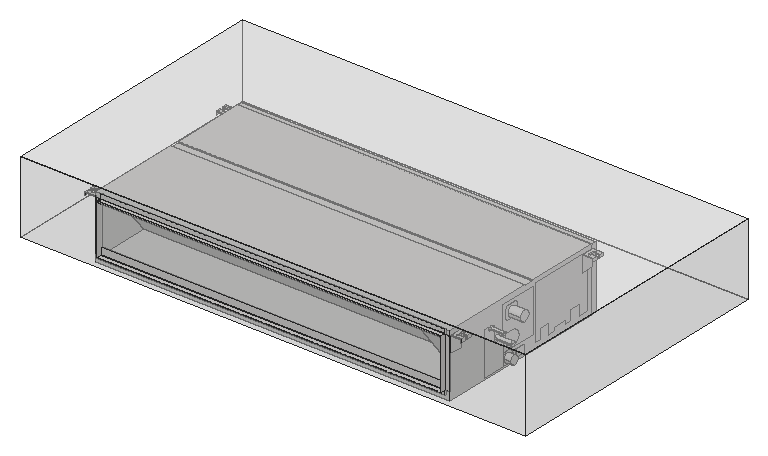
Revit family "outputfile", category 機械設備, Revit 2024
Family settings
  丸型コネクタ寸法 = 半径を使用
  パーツ タイプ = 標準
  OmniClass 番号 = 23.75.10.24.21.27.27
  OmniClass タイトル = Split System Air Conditioning Units
  作業面ベース = いいえ
  常に垂直 = はい
  ロード時にボイドで切り取り = いいえ
  注釈の向きを維持 = いいえ
  共有 = いいえ
  部屋計算ポイント = はい
Parameters (values of type "FBFC100AXVA")
  Description = ""
  書き出し IFC クラス(タイプ) = "IfcUnitaryEquipmentType"
  定義済み IFC タイプ(タイプ) = "AIRCONDITIONINGUNIT"
  Cost = 0
  Type Comments = ""
  Keynote = ""
  Type Image = (empty or 0)
  Assembly Code = ""
  switch_frequency = yes
  connector_voltage = Voltage_60Hz  # 0 V
  connector_powerinput = [Power Input (Cooling)]  # 0.000 kW
  connector_phase = Phase_60Hz  # 1
  URL = ""
  Supply Air Direction [instance] = yes
  製造元 = "Daikin"
  モデル = "FBFC100AXVA"
  w_pipe = 33 mm
  r_Liquid Pipe Size = Liquid Pipe Size / 2  # 4.75 mm
  r_Gas Pipe Size = Gas Pipe Size / 2  # 7.95 mm
  r_Drain Pipe Size = Drain Pipe Size / 2  # 16.0 mm
  lw_powersupply = Width / 2  # 700 mm
  lw_ductflange2 = 1362 mm
  lw_Width = 1362 mm
  lh_suctionflange [instance] = 100 mm
  ld_suctionflange [instance] = 190 mm
  ld_powersupply = 263 mm
  angle_vertical_RA [instance] = 90.00°
  angle horizontal_RA [instance] = 180.00°
  Voltage_comment_60Hz = "220 - 240"
  Voltage_60Hz = 0 V
  Sound Power Level_H speed (dB) = 0
  RA_length = 190 mm  # constant formula
  Phase_60Hz = 1
  Minimum External Static Pressure = 27.00 Pa
  Minimum Circuit Amps_60Hz = 0.0 A
  Maximum Fuse Amps_60Hz = 0.0 A
  Maximum External Static Pressure = 80.00 Pa
  Material_Casing = DAIKIN_GalvanizedSteel_Casing_indoorunit
  lw_liquidpipe = 757.9 mm
  lw_gaspipe = 767.5 mm
  lw_mountinghole_pitch = 1446 mm
  lw_mountinghole = 20 mm
  lw_drainpipe = 726 mm
  lh_powersupply = 43.2 mm
  lh_liquidpipe = 175 mm
  lh_gaspipe = 128 mm
  lh_mountinghole = Height + [h***] - 15 mm  # 235 mm
  lh_drainpipe = 29 mm
  lh_antena = (Height - lh_mountinghole) + 1 mm  # 16 mm
  ld_liquidpipe = 153 mm
  ld_gaspipe = 123 mm
  ld_mountinghole_pitch = 651 mm
  ld_drainpipe = 64 mm
  ld_controlbox = 626 mm
  h*** = 0 mm  # constant formula
  d_dischargeflange = 20 mm  # constant formula
  Width = 1400 mm
  Version = "ver.1.0"
  Unit Type = "M.S.P. Duct"
  Unit Mass Weight = 40.00 kg
  Unit Designation [instance] = ""
  Uniclass2015Version = "Products v1.30"
  Uniclass2015Title = "Split coil room air conditioning units"
  Uniclass2015Code = "Pr_70_65_03_86"
  Total Cooling Capacity [instance] = 0.000 kW
  Sound Pressure Level_M speed (dBA) = 39
  Sound Pressure Level_L speed (dBA) = 36
  Sound Pressure Level_H speed (dBA) = 42
  Series = "SkyAir_Fan Coil Unit"
  Sensible Cooling Capacity [instance] = 0.000 kW
  SA Duct Size Width = 1362 mm
  SA Duct Size Height = 200 mm
  Refrigerant Type = "R32"
  RA Duct Size Width = 1362 mm
  RA Duct Size Height = 214 mm
  Power Input (Cooling) = 0.000 kW
  Option Accessory 3 [instance] = ""
  Option Accessory 2 [instance] = ""
  Option Accessory 1 [instance] = ""
  Nominal Cooling Capacity = 10.000 kW
  Minimum Airflow = 1570.00 m³/h
  Median Airflow = 1870.00 m³/h
  Maximum Airflow = 2150.00 m³/h
  Load Classification = HVAC
  Liquid Pipe Size = 9.5 mm
  Link_Nested Family [instance] = ""
  IfcVersion = ""
  IfcExportType = "AIRCONDITIONINGUNIT"
  IfcExportAs = "IfcUnitaryEquipmentType"
  Height = 250 mm
  Heat Exchanger Type = "Cross Fin Coil"
  Gas Pipe Size = 15.9 mm
  Frequency_60Hz = 60 Hz
  Fan Type = "Sirocco Fan"
  Fan Drive = "Direct Drive"
  FCU Tag No. [instance] = ""
  Drain Pipe Size = 32.0 mm
  Design Supply Airflow [instance] = 0.00 m³/h
  Design Return Airflow [instance] = 0.00 m³/h
  Design External Static Pressure [instance] = 0.00 Pa
  Depth = 700 mm
  既定の高さ = 0 mm
  Cooling Entering Wet Bulb Temperature [instance] = 0.00 °C
  Cooling Entering Dry Bulb Temperature [instance] = 0.00 °C
  Cooling Ambient Wet Bulb Temperature [instance] = 0.00 °C
  Cooling Ambient Dry Bulb Temperature [instance] = 0.00 °C
  Clearance visibility [instance] = yes
  Clearance Top = 20 mm
  Clearance Right = 300 mm
  Clearance Rear = 400 mm
  Clearance Left = 300 mm
  Clearance Front = 0 mm
  Clearance Bottom = 20 mm
Reference planes
  plane 1 "Center (Front/Back)": y = 0
  plane 2: z = 0
  plane 3 "Center (Left/Right)": x = 0
  plane 4 "Back": y = 350
  plane 5 "Front": y = -350
  plane 6 "Left": x = -700
  plane 7 "Right": x = 700
  plane 8 "Top": z = 0
  plane 9 "Bottom": z = -250
  plane 10: x = 681
  plane 11: x = -680.2
  plane 12: z = -72
  plane 13: z = -75
  plane 14: z = -122
  plane 15: x = -304
  plane 16: x = 304
  plane 17: x = -723
  plane 18: x = 723
  plane 19: x = 757.9
  plane 20: x = 767.5
  plane 21: z = -15
  plane 22 "Clearance Left": x = -1000
  plane 23 "Clearance Right": x = 1000
  plane 24 "Clearance Rear": y = 750
  plane 25 "Clearance Front": y = -350
  plane 26 "Clearance Bottom": z = -270
  plane 27: z = -21
  plane 28: z = -221
  plane 29: y = -123
  plane 30: y = -153
  plane 31: y = -30
  plane 32: y = -64
  plane 33: z = -118
  plane 34: y = -349.2
  plane 35: z = -150
  plane 36: y = 160
  plane 37: z = -151
  plane 38: x = 726
  plane 39: x = 695
  plane 40: x = 565.5
  plane 41: z = 102.5
  plane 42: y = 325.5
  plane 43: y = -325.5
  plane 44: y = 17.5
  plane 45: y = 57
  plane 46: x = 703.2
  plane 47: x = 705.2
  plane 48: y = -370
  plane 49: y = 390
  plane 50: z = -125
  plane 51: z = -70.5
  plane 52: z = -75.133
  plane 53: z = -75.5
  plane 54: z = -126.5
  plane 55: z = -239.8
  plane 56: z = -22.5
  plane 57: z = -192.5
  plane 58: z = -16
  plane 59 "Clearance Top": z = 20
  plane 60: z = -206.8
  plane 61: y = 263
  plane 62: y = -200
  plane 63: y = -300
  plane 64: y = -140
Forms (mm)
  Extrusion 1, solid, material "DAIKIN_GalvanizedSteel_Casing_indoorunit" <- "Material_Casing"
    sketch origin (0, 0, 0) x (1, 0, 0) y (0, 1, 0)
      loop
        line (-700, -349.2) -> (700, -349.2) -> (700, 350) -> (-700, 350) -> (-700, -349.2)
    from -250 to 0
  Extrusion 2, void
    sketch origin (0, 0, 1) x (1, 0, 0) y (0, 1, 0)
      loop
        line (-700, 57) -> (-700, 17.5) -> (700, 17.5) -> (700, 57) -> (-700, 57)
    from -1 to -5
  Extrusion 3, void
    sketch origin (0, 0, 0) x (0, 1, 0) y (0, 0, 1)
      loop
        line (-91.914, -222) -> (-91.914, -246.5) -> (-36.314, -246.5) -> (-36.314, -219.481)
        arc (-36.314, -219.481) -> (-65.261, -194.229) -> (-91.8, -222) r 27.8
    from 700 to 695
  Revolve 4, solid, material "DAIKIN_GalvanizedSteel_Casing_indoorunit" <- "Material_Casing"
    sketch origin (0, 0, -122) x (0, -1, 0) y (1, 0, 0)
      loop
        line (115.05, 700) -> (123, 700) -> (123, 767.5) -> (115.05, 767.5) -> (115.05, 700)
      axis (123, 700) -> (123, 767.5)
    angle from 0 to 360
  Revolve 5, solid, material "DAIKIN_GalvanizedSteel_Casing_indoorunit" <- "Material_Casing"
    sketch origin (0, 0, -75) x (0, -1, 0) y (1, 0, 0)
      loop
        line (153, 700) -> (153, 757.9) -> (148.25, 757.9) -> (148.25, 700) -> (153, 700)
      axis (153, 757.9) -> (153, 700)
    angle from 0 to 360
  Extrusion 6, solid, material "DAIKIN_GalvanizedSteel_Casing_indoorunit" <- "Material_Casing"
    sketch origin (0, 0, 0) x (0, 1, 0) y (0, 0, 1)
      loop
        circle (-64, -221) r 16
    from 726 to 700
  Extrusion 7, solid, material "DAIKIN_GalvanizedSteel_Casing_indoorunit" <- "Material_Casing"
    sketch origin (0, 0, 0) x (0, 1, 0) y (0, 0, 1)
      loop
        line (-180, -70.5) -> (-180, -239.8) -> (-95, -239.8) -> (-95, -126.5) -> (-107, -126.5)
        arc (-107, -126.5) -> (-121.5, -141) -> (-136, -126.5) r 14.5
        line (-136, -126.5) -> (-136, -75.5) -> (-141.006, -75.5)
        arc (-141.006, -75.5) -> (-153.184, -87.131) -> (-165, -75.133) r 12
        line (-165, -75.133) -> (-165, -70.5) -> (-180, -70.5)
      loop
        line (-92, -22.5) -> (-92, -192.5) -> (54, -192.5) -> (54, -22.5) -> (-92, -22.5)
      loop
        line (71, -16) -> (71, -224.802) -> (87.805, -224.802) -> (87.805, -184.607) -> (134.195, -184.606) -> (134.195, -224.802) -> (161, -224.802) -> (161, -212.302) -> (221, -212.303) -> (221, -224.802) -> (239.805, -224.802) -> (239.805, -184.606) -> (286.195, -184.606) -> (286.195, -224.802) -> (321.994, -224.802) -> (321.994, -82) -> (298.5, -82) -> (298.5, -16) -> (71, -16)
    from 700 to 703.2
  Extrusion 8, solid, material "DAIKIN_GalvanizedSteel_Casing_indoorunit" <- "Material_Casing"
    sketch origin (0, 0, 0) x (0, 1, 0) y (0, 0, 1)
      loop
        line (-27.5, -74.5) -> (-27.5, -41.5)
        arc (-27.5, -41.5) -> (-30.136, -35.136) -> (-36.5, -32.5) r 9
        line (-36.5, -32.5) -> (-69.5, -32.5)
        arc (-69.5, -32.5) -> (-75.864, -35.136) -> (-78.5, -41.5) r 9
        line (-78.5, -41.5) -> (-78.5, -74.5)
        arc (-78.5, -74.5) -> (-75.864, -80.864) -> (-69.5, -83.5) r 9
        line (-69.5, -83.5) -> (-36.5, -83.5)
        arc (-36.5, -83.5) -> (-30.136, -80.864) -> (-27.5, -74.5) r 9
      loop
        arc (8, -234.5) -> (9.415, -233.914) -> (10.001, -232.499) r 2.001
        line (10.001, -232.499) -> (9.997, -206.503)
        arc (9.997, -206.503) -> (9.412, -205.091) -> (8, -204.506) r 1.997
        line (8, -204.506) -> (-25.997, -204.506)
        arc (-25.997, -204.506) -> (-27.415, -205.094) -> (-28.002, -206.511) r 2.005
        line (-28.002, -206.511) -> (-28.002, -232.499)
        arc (-28.002, -232.499) -> (-27.416, -233.914) -> (-26.001, -234.5) r 2.001
        line (-26.001, -234.5) -> (8, -234.5)
      loop
        arc (-77.358, -152.358) -> (-25.548, -177.591) -> (-59.394, -130.95) r 29.7
        arc (-59.394, -130.95) -> (-62.843, -131.688) -> (-66.339, -131.219) r 10.3
        line (-66.339, -131.219) -> (-72.946, -129.136)
        arc (-72.946, -129.136) -> (-80.627, -131.374) -> (-81.498, -139.327) r 7.2
        line (-81.498, -139.327) -> (-78.299, -145.472)
        arc (-78.299, -145.472) -> (-77.23, -148.833) -> (-77.358, -152.358) r 10.3
    from 700 to 705.2
  Extrusion 9, solid, material "DAIKIN_GalvanizedSteel_Casing_indoorunit" <- "Material_Casing"
    sketch origin (0, 0, 0) x (0, 1, 0) y (0, 0, 1)
      loop
        circle (-53, -58) r 18.9
    from 700 to 757.9
  Extrusion 10, void
    sketch origin (0, 0, 0) x (0, 1, 0) y (0, 0, 1)
      loop
        line (-350, -18.8) -> (-350, -217.2) -> (-200, -217.2) -> (-349.2, -18.8) -> (-350, -18.8)
    from -680.2 to 681
  Extrusion 11, void
    sketch origin (0, 0, 0) x (0, 1, 0) y (0, 0, 1)
      loop
        line (-350, -18.8) -> (-350, -217.2) -> (-140, -217.2) -> (-300, -18.8) -> (-350, -18.8)
    from -680.2 to 565.5
Cuts and joins
  Extrusion 2, Extrusion 3, Extrusion 10, Extrusion 11 cuts Extrusion 1
  joined: Extrusion 7, Extrusion 8, Extrusion 9
Dimensions and locks
  "Height": plane 8 "Top" to plane 9 "Bottom"
  equal spacing: plane 15, plane 3 "Center (Left/Right)", plane 16, locked at 304 each
  locked: plane 15 to plane 16 at 608
  equal spacing: plane 17, plane 3 "Center (Left/Right)", plane 18
  "lw_mountinghole_pitch": plane 17 to plane 18
  locked: plane 12 to plane 9 "Bottom" at 178
  "lh_liquidpipe": plane 13 to plane 9 "Bottom"
  "lh_gaspipe": plane 14 to plane 9 "Bottom"
  "lh_mountinghole": plane 21 to plane 9 "Bottom"
  equal spacing: plane 6 "Left", plane 3 "Center (Left/Right)", plane 7 "Right"
  "Width": plane 6 "Left" to plane 7 "Right"
  "Clearance Right": plane 7 "Right" to plane 23 "Clearance Right"
  "Clearance Left": plane 22 "Clearance Left" to plane 6 "Left"
  "Clearance Rear": plane 24 "Clearance Rear" to plane 4 "Back"
  "Clearance Front": plane 5 "Front" to plane 25 "Clearance Front"
  locked: plane 8 "Top" to plane 27 at 21
  "Depth": plane 4 "Back" to plane 5 "Front"
  equal spacing: plane 4 "Back", plane 1 "Center (Front/Back)", plane 5 "Front"
  "ld_suctionflange": plane 4 "Back" to plane 36
  locked: plane 37 to plane 9 "Bottom" at 99
  plane 7 "Right" to plane 40 = 134.5 mm
  "r_Gas Pipe Size": nested 6 to Revolve 4 sketch curve
  "r_Liquid Pipe Size": nested 5 to Revolve 5 sketch curve
  equal spacing: plane 42, plane 1 "Center (Front/Back)", plane 43
  "ld_mountinghole_pitch": plane 42 to plane 43
  locked: plane 33 to plane 9 "Bottom" at 132
  "lw_liquidpipe": plane 3 "Center (Left/Right)" to plane 19
  "lw_gaspipe": plane 3 "Center (Left/Right)" to plane 20
  "lw_drainpipe": plane 3 "Center (Left/Right)" to plane 38
  "ld_drainpipe": plane 32 to plane 1 "Center (Front/Back)"
  "ld_gaspipe": plane 29 to plane 1 "Center (Front/Back)"
  "ld_liquidpipe": plane 30 to plane 1 "Center (Front/Back)"
  "lh_drainpipe": plane 28 to plane 9 "Bottom"
  locked: plane 7 "Right" to plane 46 at 3.2
  locked: plane 46 to plane 47 at 2
  equal spacing: plane 8 "Top", plane 50, plane 9 "Bottom"
  plane 51 to plane 52 to plane 53 to plane 54 to plane 55 = 4.633 mm locked, 0.367 mm locked, 51 mm locked, 113.3 mm locked
  plane 8 "Top" to plane 56 to plane 57 = 22.5 mm locked, 170 mm locked
  locked: plane 8 "Top" to plane 58 at 16
  locked: plane 40 to plane 10 at 115.5
  locked: plane 17 to plane 11 at 42.8
  locked: plane 39 to plane 7 "Right" at 5
  "Clearance Top": plane 59 "Clearance Top" to plane 8 "Top"
  "Clearance Bottom": plane 9 "Bottom" to plane 26 "Clearance Bottom"
  "lh_powersupply": plane 60 to plane 9 "Bottom"
  "ld_powersupply": plane 61 to plane 1 "Center (Front/Back)"
  locked: plane 34 to plane 5 "Front" at 0.8
  locked: plane 5 "Front" to plane 48 at 20
  locked: plane 5 "Front" to plane 62 at 150
  plane 5 "Front" to plane 63 to plane 64 = 50 mm locked, 160 mm locked
  "r_Drain Pipe Size": radius of Extrusion 6 sketch curve
  aligned and locked: level to plane 2
  aligned and locked: Extrusion 1 to plane 9 "Bottom"
  aligned and locked: plane 8 "Top" to Extrusion 1
  aligned and locked: Revolve 4 sketch curve to Revolve 4 sketch curve
  aligned and locked: plane 19 to nested 5
  aligned and locked: nested 5 to plane 13
  aligned and locked: plane 18 to nested 2
  aligned and locked: plane 17 to nested 3
  aligned and locked: plane 17 to nested 4
  aligned and locked: nested 6 to plane 14
  aligned and locked: plane 29 to nested 6
  aligned and locked: plane 30 to nested 5
  aligned and locked: Extrusion 6 sketch curve to plane 32
  aligned and locked: plane 8 "Top" to Extrusion 2
  aligned and locked: plane 24 "Clearance Rear" to nested 11
  aligned and locked: plane 23 "Clearance Right" to nested 11
  aligned and locked: plane 22 "Clearance Left" to nested 11
  aligned and locked: nested 11 to plane 25 "Clearance Front"
  aligned and locked: plane 7 "Right" to cut or joined group of Extrusion 1, Extrusion 2, Extrusion 3, Extrusion 10, Extrusion 11  (x3)
  aligned and locked: cut or joined group of Extrusion 1, Extrusion 2, Extrusion 3, Extrusion 10, Extrusion 11 to plane 39
  aligned and locked: plane 38 to Extrusion 6
  aligned and locked: plane 20 to nested 6
  aligned and locked: plane 3 "Center (Left/Right)" to nested 12
  aligned and locked: plane 18 to nested 1
  aligned and locked: plane 32 to nested 7
  aligned and locked: nested 7 to plane 28
  aligned and locked: plane 38 to nested 7
  aligned and locked: nested 9 to plane 1 "Center (Front/Back)"
  aligned and locked: plane 3 "Center (Left/Right)" to nested 9
  aligned and locked: plane 33 to nested 8
  aligned and locked: level to plane 8 "Top"
  aligned and locked: plane 42 to nested 1
  aligned and locked: plane 43 to nested 2
  aligned and locked: nested 4 to plane 42
  aligned and locked: nested 3 to plane 43
  aligned and locked: nested 12 to plane 21
  aligned and locked: cut or joined group of Extrusion 1, Extrusion 2, Extrusion 3, Extrusion 10, Extrusion 11 to plane 34
  aligned and locked: nested 13 to plane 33
  aligned and locked: Extrusion 2 sketch curve to plane 6 "Left"
  aligned and locked: plane 7 "Right" to Extrusion 2 sketch curve
  aligned and locked: plane 44 to Extrusion 2 sketch curve
  aligned and locked: plane 45 to Extrusion 2 sketch curve
  aligned and locked: plane 3 "Center (Left/Right)" to nested 10
  aligned and locked: nested 10 to plane 4 "Back"
  aligned and locked: plane 46 to Extrusion 7
  aligned and locked: Extrusion 7 to plane 7 "Right"
  aligned and locked: Extrusion 8 to plane 7 "Right"
  aligned and locked: plane 47 to Extrusion 8
  aligned and locked: plane 19 to Extrusion 9
  aligned and locked: Extrusion 9 to plane 7 "Right"
  aligned and locked: nested 8 to plane 48
  aligned and locked: plane 49 to nested 14
  aligned and locked: nested 14 to plane 3 "Center (Left/Right)"
  aligned and locked: nested 14 to plane 50
  aligned and locked: plane 54 to Extrusion 7 sketch curve  (x2)
  aligned and locked: plane 52 to Extrusion 7 sketch curve
  aligned and locked: plane 56 to Extrusion 7 sketch curve
  aligned and locked: plane 57 to Extrusion 7 sketch curve
  aligned and locked: plane 58 to Extrusion 7 sketch curve
  aligned and locked: plane 3 "Center (Left/Right)" to nested 13
  aligned and locked: plane 59 "Clearance Top" to nested 11
  aligned and locked: nested 11 to plane 26 "Clearance Bottom"
  aligned and locked: plane 7 "Right" to nested 15
  aligned and locked: nested 15 to plane 60
  aligned and locked: plane 34 to nested 13
  aligned and locked: plane 5 "Front" to Extrusion 10 sketch curve
  aligned and locked: cut or joined group of Extrusion 1, Extrusion 2, Extrusion 3, Extrusion 10, Extrusion 11 to plane 11  (x2)
  aligned and locked: plane 10 to cut or joined group of Extrusion 1, Extrusion 2, Extrusion 3, Extrusion 10, Extrusion 11
  aligned and locked: Extrusion 11 sketch curve to plane 5 "Front"
  aligned and locked: plane 63 to Extrusion 11 sketch curve
  aligned and locked: plane 64 to Extrusion 11 sketch curve
  aligned and locked: cut or joined group of Extrusion 1, Extrusion 2, Extrusion 3, Extrusion 10, Extrusion 11 to plane 40
  aligned and locked: Extrusion 6 to plane 7 "Right"
  aligned and locked: Revolve 4 to plane 7 "Right"
  aligned and locked: Revolve 5 to plane 7 "Right"
Automatic sketch dimensions
  Extrusion 1 sketch curve to plane 4 "Back" = 0 mm
  Extrusion 1 sketch curve to plane 6 "Left" = 0 mm
  Extrusion 1 sketch curve to plane 7 "Right" = 0 mm
  plane 34 to Extrusion 1 sketch curve = 0 mm
  Extrusion 6 sketch curve to plane 28 = 0 mm
  Revolve 4 sketch curve to plane 20 = 0 mm
  Revolve 4 sketch curve to plane 29 = 0 mm
  Revolve 4 sketch curve to Revolve 4 sketch curve = 2.003 mm
  plane 20 to Revolve 4 sketch curve = 1.003 mm
  Revolve 5 sketch curve to plane 30 = 0 mm  (x2)
  Revolve 5 sketch curve to plane 19 = 0 mm  (x2)
  Revolve 5 sketch curve to plane 7 "Right" = 0 mm
  Revolve 5 sketch curve to Revolve 5 sketch curve = 1 mm
  Revolve 4 sketch curve to plane 7 "Right" = 0 mm
  plane 9 "Bottom" to Extrusion 3 sketch curve = 3.5 mm
  Extrusion 3 sketch curve to plane 31 = 6.314 mm
  Extrusion 3 sketch curve to plane 28 = 1 mm  (x2)
  plane 32 to Extrusion 3 sketch curve = 0 mm
  Extrusion 3 sketch curve to Extrusion 3 sketch curve = 0.114 mm
  Extrusion 8 sketch curve to plane 32 = 14.5 mm
  plane 13 to Extrusion 8 sketch curve = 0.5 mm  (x2)
  Extrusion 8 sketch curve to plane 32 = 5.5 mm  (x2)
  Extrusion 8 sketch curve to plane 31 = 6.5 mm  (x2)
  Extrusion 8 sketch curve to plane 27 = 20.5 mm
  plane 31 to Extrusion 8 sketch curve = 1.998 mm
  Extrusion 8 sketch curve to Extrusion 8 sketch curve = 2.001 mm  (x2)
  Extrusion 8 sketch curve to Extrusion 8 sketch curve = 2.005 mm
  Extrusion 8 sketch curve to plane 1 "Center (Front/Back)" = 8 mm  (x2)
  plane 28 to Extrusion 8 sketch curve = 16.494 mm
  Extrusion 8 sketch curve to Extrusion 8 sketch curve = 1.994 mm
  Extrusion 8 sketch curve to Extrusion 8 sketch curve = 1.997 mm
  Extrusion 8 sketch curve to plane 32 = 17.498 mm
  Extrusion 8 sketch curve to plane 35 = 0.228 mm
  Extrusion 8 sketch curve to Extrusion 8 sketch curve = 5.937 mm
  plane 35 to Extrusion 8 sketch curve = 4.528 mm
  Extrusion 8 sketch curve to Extrusion 8 sketch curve = 3.199 mm
  Extrusion 8 sketch curve to Extrusion 8 sketch curve = 6.386 mm
  Extrusion 8 sketch curve to plane 14 = 7.136 mm
  Extrusion 8 sketch curve to Extrusion 8 sketch curve = 2.165 mm
  Extrusion 8 sketch curve to plane 32 = 2.339 mm
  plane 32 to Extrusion 8 sketch curve = 0.758 mm
  Extrusion 8 sketch curve to plane 37 = 7.5 mm
  plane 32 to Extrusion 8 sketch curve = 15.7 mm
  Extrusion 8 sketch curve to Extrusion 8 sketch curve = 6.145 mm
  Extrusion 8 sketch curve to Extrusion 8 sketch curve = 2.083 mm
  plane 14 to Extrusion 8 sketch curve = 0.604 mm
  Extrusion 8 sketch curve to Extrusion 8 sketch curve = 0 mm
  plane 32 to Extrusion 9 sketch curve = 11 mm
  plane 12 to Extrusion 9 sketch curve = 14 mm
  Extrusion 7 sketch curve to plane 30 = 0 mm
  Extrusion 7 sketch curve to plane 30 = 27 mm
  Extrusion 7 sketch curve to plane 13 = 0.5 mm
  Extrusion 7 sketch curve to Extrusion 7 sketch curve = 5.006 mm
  plane 12 to Extrusion 7 sketch curve = 1.5 mm
  Extrusion 7 sketch curve to Extrusion 7 sketch curve = 12 mm
  Extrusion 7 sketch curve to plane 30 = 12 mm
  plane 29 to Extrusion 7 sketch curve = 1.5 mm
  Extrusion 7 sketch curve to plane 32 = 28 mm
  Extrusion 7 sketch curve to Extrusion 7 sketch curve = 17 mm
  Extrusion 7 sketch curve to plane 28 = 3.802 mm  (x8)
  Extrusion 7 sketch curve to plane 42 = 27 mm
  Extrusion 7 sketch curve to plane 42 = 3.506 mm  (x2)
  Extrusion 7 sketch curve to plane 53 = 6.5 mm
  plane 57 to Extrusion 7 sketch curve = 7.893 mm
  Extrusion 7 sketch curve to Extrusion 7 sketch curve = 0 mm  (x2)
  plane 57 to Extrusion 7 sketch curve = 7.894 mm  (x2)
  plane 36 to Extrusion 7 sketch curve = 1 mm  (x2)
  plane 28 to Extrusion 7 sketch curve = 8.697 mm
  Extrusion 3 sketch curve to Extrusion 3 sketch curve = 27.914 mm
  Extrusion 7 sketch curve to plane 55 = 0 mm
  Extrusion 8 sketch curve to plane 28 = 11.499 mm
  Extrusion 7 sketch curve to Extrusion 7 sketch curve = 60 mm
  Extrusion 10 sketch curve to plane 34 = 0 mm
  plane 28 to Extrusion 10 sketch curve = 3.8 mm
  plane 27 to Extrusion 10 sketch curve = 2.2 mm
  Extrusion 10 sketch curve to plane 30 = 47 mm
  plane 28 to Extrusion 11 sketch curve = 3.8 mm
  plane 27 to Extrusion 11 sketch curve = 2.2 mm
  radius of Extrusion 9 sketch curve = 18.9 mm
Nested families
  nested 1: "daikin_mountinghole" at (723, 325.5, -250), l_antenna <- "lh_antena", Link_Nested Family <- "Link_Nested Family", h_mountinghole <- "lh_mountinghole", type "daikin_mountinghole"
    with show yes, l_antenna 16 mm, h_mountinghole 235 mm, Link_Nested Family ""
  nested 2: "daikin_mountinghole" at (723, -325.5, -250), Link_Nested Family <- "Link_Nested Family", l_antenna <- "lh_antena", h_mountinghole <- "lh_mountinghole", type "daikin_mountinghole"
    with show yes, l_antenna 16 mm, h_mountinghole 235 mm, Link_Nested Family ""
  nested 3: "daikin_mountinghole" at (-723, -325.5, -250), l_antenna <- "lh_antena", Link_Nested Family <- "Link_Nested Family", h_mountinghole <- "lh_mountinghole", type "daikin_mountinghole"
    with show yes, l_antenna 16 mm, h_mountinghole 235 mm, Link_Nested Family ""
  nested 4: "daikin_mountinghole" at (-723, 325.5, -250), l_antenna <- "lh_antena", Link_Nested Family <- "Link_Nested Family", h_mountinghole <- "lh_mountinghole", type "daikin_mountinghole"
    with show yes, l_antenna 16 mm, h_mountinghole 235 mm, Link_Nested Family ""
  nested 5: "daikin_connector_rotate2" at (0, -153, -75) x (0, 1, 0) z (0, 0, 1), length <- "lw_liquidpipe", built-in parameter 1001364 <- "lh_liquidpipe", radius <- "r_Liquid Pipe Size", type "daikin_connector_rotate2"
    with radius 4.75 mm, length 757.9 mm, angle_vertical 90.00°
  nested 6: "daikin_connector_rotate2" at (0, -123, -122) x (0, 1, 0) z (0, 0, 1), length <- "lw_gaspipe", built-in parameter 1001364 <- "lh_gaspipe", radius <- "r_Gas Pipe Size", type "daikin_connector_rotate2"
    with radius 7.95 mm, length 767.5 mm, angle_vertical 90.00°
  nested 7: "daikin_connector_rotate2" at (0, -64, -221) x (0, 1, 0) z (0, 0, 1), built-in parameter 1001364 <- "lh_drainpipe", length <- "lw_drainpipe", radius <- "r_Drain Pipe Size", type "daikin_connector_rotate2"
    with radius 16 mm, length 726 mm, angle_vertical 90.00°
  nested 8: "daikin_connector_rotate2" at (0, -350, -118), length <- "d_dischargeflange", type "daikin_connector_rotate2"
    with radius 10 mm, length 20 mm, angle_vertical 90.00°
  nested 9: "daikin_△_symbolicline" at (-75, -129.904, 250) x (-0.5, 0.866, 0) z (0, 0, 1), built-in parameter 1001364 <- "Height", visible <- "Supply Air Direction", type "daikin_△_symbolicline"
    with length 300 mm
  nested 10: "daikin_ductflange_FBFC-AXVA_1" at (0, 350, -125), material <- "Material_Casing", width <- "lw_ductflange2", type "daikin_ductflange_FBFC-AXVA_1"
    with width 1362 mm, material DAIKIN_GalvanizedSteel_Casing_indoorunit, height 214 mm, depth 40 mm
  nested 11: "daikin_clearancespace" at (0, 200, -124.881), visible <- "Clearance visibility", show <- "Clearance visibility", Link_Nested Family <- "Link_Nested Family", type "daikin_clearancespace"
    with width 2000 mm, show yes, height 290 mm, depth 1100 mm, Link_Nested Family ""
  nested 12: "daikin_hangerfixture_FBFC-AXVA" at (0, 0, -15), type "daikin_hangerfixture_FBFC-AXVA"
    with width 1400 mm
  nested 13: "daikin_ductflange_FBFC-AXVA" at (0, -35.7, -407.401), width <- "lw_Width", material <- "Material_Casing", type "daikin_ductflange_FBFC-AXVA"
    with width 1362 mm, material DAIKIN_GalvanizedSteel_Casing_indoorunit, height 200 mm, depth 20.8 mm
  nested 14: "daikin_connector_rotate2" at (0, 350, -125) x (-1, 0, 0) z (0, 0, 1), type "daikin_connector_rotate2"
    with radius 10 mm, length 40 mm, angle_vertical 90.00°
  nested 15: "daikin_connector_rotate2" at (0, 263, -206.8) x (0, 1, 0) z (0, 0, 1), length <- "lw_powersupply", built-in parameter 1001364 <- "lh_powersupply", type "daikin_connector_rotate2"
    with radius 10 mm, length 700 mm, angle_vertical 90.00°
Connectors
  piping at (767.5, -123, -122), diameter 15.9, driven by "r_Gas Pipe Size"
    settings: on nested 6, index 1, connector inside diameter 609.6 mm, connector length 0 mm, flow factor 0, pipe flow 0.00 m³/h, pressure drop 0.0 Pa, fitting loss kfactor 0, connector angle 0.00°, fixture units 0, engagement length 0 mm, angle of deflection 0.00°, flow configuration 1, flow direction 2, fitting loss method 0, system type 29, joint type 0, gender type 0, connector reference index -1, connector utility 0, adjustable connector no, is connector primary yes, connector description "Refrigerant Gas Piping"
  piping at (757.9, -153, -75), diameter 9.5, driven by "r_Liquid Pipe Size"
    settings: on nested 5, index 2, connector inside diameter 609.6 mm, connector length 0 mm, flow factor 0, pipe flow 0.00 m³/h, pressure drop 0.0 Pa, fitting loss kfactor 0, connector angle 0.00°, fixture units 0, engagement length 0 mm, angle of deflection 0.00°, flow configuration 1, flow direction 1, fitting loss method 0, system type 29, joint type 0, gender type 0, connector reference index -1, connector utility 0, adjustable connector no, is connector primary no, connector description "Refrigerant Liquid Piping"
  piping at (726, -64, -221), diameter 32, driven by "r_Drain Pipe Size"
    settings: on nested 7, index 3, connector inside diameter 609.6 mm, connector length 0 mm, flow factor 0, pipe flow 0.00 m³/h, pressure drop 0.0 Pa, fitting loss kfactor 0, connector angle 0.00°, fixture units 0, engagement length 0 mm, angle of deflection 0.00°, flow configuration 1, flow direction 2, fitting loss method 4, system type 16, joint type 0, gender type 0, connector reference index -1, connector utility 0, adjustable connector no, is connector primary no, connector description "Condensate Drain Piping"
  hvac at (0, -370, -118), driven by "SA Duct Size Height", driven by "SA Duct Size Width"
    settings: on nested 8, index 7, duct flow 0.00 m³/h, flow factor 0, pres drop 0.00 Pa, loss coef 0, conn angle 0.00°, conn width 1362.0 mm, conn height 200.0 mm, conn diameter 609.6 mm, duct sys type 1, conn prof type 1, flow config 0, flow direction 2, loss method 4, conn ref index -1, conn util no, is conn primary yes, conn desc "SA Duct"
  hvac at (0, 390, -125), driven by "RA Duct Size Width", driven by "RA Duct Size Height"
    settings: on nested 14, index 8, duct flow 0.00 m³/h, flow factor 0, pres drop 0.00 Pa, loss coef 0, conn angle 0.00°, conn width 1362.0 mm, conn height 214.0 mm, conn diameter 609.6 mm, duct sys type 2, conn prof type 1, flow config 0, flow direction 1, loss method 4, conn ref index -1, conn util no, is conn primary no, conn desc "RA Duct"
  electrical at (700, 263, -206.8), driven by "Load Classification", driven by "connector_phase", driven by "connector_powerinput", driven by "connector_voltage"
    settings: on nested 15, index 9, voltage 0 V, apparent load 0 VA, apparent load phase1 0 VA, apparent load phase2 0 VA, apparent load phase3 0 VA, power factor 1, load classification "HVAC", number of poles 1, system type 30, power factor state 1, is connector primary yes, connector utility no, sub classification motor no, connector description "Power Supply"
Definition of nested family "daikin_ductflange_FBFC-AXVA_1"
  Parameters (values of type "daikin_ductflange_FXDQ-NDVET2")
    width [instance] = 662 mm
    material [instance] = none
    height [instance] = 214 mm
    depth [instance] = 40 mm
    Default Elevation = 0 mm
  Reference planes
    plane 1 "Center (Front/Back)": y = 0
    plane 2: z = 0
    plane 3 "Center (Left/Right)": x = 0
    plane 4: x = -331
    plane 5: x = 331
    plane 6: z = 107
    plane 7: z = -107
    plane 8: x = -350
    plane 9: x = 350
    plane 10: z = 124
    plane 11: z = -124
    plane 12: y = 20
    plane 13: x = -330.2
    plane 14: x = 330.2
    plane 15: z = 106.2
    plane 16: z = -106.2
    plane 17: y = 40
    plane 18: x = -330.2
    plane 19: z = 106.2
    plane 20: z = -106.2
    plane 21: x = 330.2
  Forms (mm)
    Extrusion 1, solid, material <- "material"
      sketch origin (0, 0, 0) x (1, 0, 0) y (0, 0, 1)
        loop
          line (-330.2, 106.2) -> (-330.2, -106.2) -> (330.2, -106.2) -> (330.2, 106.2) -> (-330.2, 106.2)
        loop
          line (-350, 124) -> (-350, -124) -> (350, -124) -> (350, 124) -> (-350, 124)
      from 0 to -20
    Extrusion 2, solid, material <- "material"
      sketch origin (0, 0, 0) x (1, 0, 0) y (0, 0, 1)
        loop
          line (-331, 107) -> (-331, -107) -> (331, -107) -> (331, 107) -> (-331, 107)
        loop
          line (-330.2, 106.2) -> (-330.2, -106.2) -> (330.2, -106.2) -> (330.2, 106.2) -> (-330.2, 106.2)
      from -40 to -20
  Cuts and joins
    joined: Extrusion 1, Extrusion 2
  Dimensions and locks
    equal spacing: plane 5, plane 3 "Center (Left/Right)", plane 4
    "width": plane 5 to plane 4
    equal spacing: plane 6, level, plane 7
    "height": plane 6 to plane 7
    locked: plane 4 to plane 8 at 19
    locked: plane 9 to plane 5 at 19
    locked: plane 10 to plane 6 at 17
    locked: plane 7 to plane 11 at 17
    locked: plane 1 "Center (Front/Back)" to plane 12 at 20
    locked: plane 13 to plane 4 at 0.8
    locked: plane 5 to plane 14 at 0.8
    locked: plane 6 to plane 15 at 0.8
    locked: plane 16 to plane 7 at 0.8
    locked: plane 12 to plane 17 at 20
    locked: plane 18 to plane 4 at 0.8
    locked: plane 5 to plane 21 at 0.8
    locked: plane 6 to plane 19 at 0.8
    locked: plane 20 to plane 7 at 0.8
    locked: plane 1 "Center (Front/Back)" to plane 17 at 40
    aligned and locked: level to plane 2
    aligned and locked: Extrusion 1 sketch curve to plane 10
    aligned and locked: plane 8 to Extrusion 1 sketch curve
    aligned and locked: Extrusion 1 sketch curve to plane 9
    aligned and locked: Extrusion 1 to plane 12
    aligned and locked: plane 1 "Center (Front/Back)" to Extrusion 1
    aligned and locked: Extrusion 1 sketch curve to plane 15
    aligned and locked: plane 13 to Extrusion 1 sketch curve
    aligned and locked: plane 16 to Extrusion 1 sketch curve
    aligned and locked: plane 11 to Extrusion 1 sketch curve
    aligned and locked: Extrusion 1 sketch curve to plane 14
    aligned and locked: Extrusion 2 sketch curve to plane 6
    aligned and locked: plane 4 to Extrusion 2 sketch curve
    aligned and locked: plane 7 to Extrusion 2 sketch curve
    aligned and locked: Extrusion 2 sketch curve to plane 5
    aligned and locked: Extrusion 2 sketch curve to Extrusion 1  (x4)
    aligned and locked: Extrusion 2 to plane 17
    aligned and locked: Extrusion 2 to Extrusion 1
  Automatic sketch dimensions
    Extrusion 1 sketch curve to plane 10 = 0 mm
Definition of nested family "daikin_clearancespace"
  Parameters (values of type "daikin_clearancespace")
    Description = "daikin_clearancespace"
    width [instance] = 1823.963 mm
    show [instance] = yes
    material = none
    height [instance] = 1359.762 mm
    depth [instance] = 880 mm
    Default Elevation = 0 mm
    Link_Nested Family [instance] = ""
  Reference planes
    plane 1 "Center (Front/Back)": y = 0
    plane 2 "Center (Elevation)": z = -0.119
    plane 3 "Center (Left/Right)": x = 0
    plane 4: y = 440
    plane 5: y = -440
    plane 6 "Right": x = 911.982
    plane 7 "Left": x = -911.982
    plane 8 "Top": z = 679.762
    plane 9 "Bottom": z = -680
  Forms (mm)
    Extrusion 1, solid, material <- "material", visible <- "show"
      sketch origin (0, 0, 0) x (1, 0, 0) y (0, 1, 0)
        loop
          line (-911.982, 440) -> (-911.982, -440) -> (911.982, -440) -> (911.982, 440) -> (-911.982, 440)
      from -680 to 679.762
  Lines and regions (mm)
    symbolic lines, visible <- "show"
      curve 1: line (911.982, 440, 0) -> (-911.982, 440, 0)
      curve 2: line (-911.982, 440, 0) -> (-911.982, -440, 0)
      curve 3: line (-911.982, -440, 0) -> (911.982, -440, 0)
      curve 4: line (911.982, -440, 0) -> (911.982, 440, 0)
      curve 5: line (911.982, 0, 679.762) -> (-911.982, 0, 679.762)
      curve 6: line (911.982, 0, -680) -> (911.982, 0, 679.762)
      curve 7: line (-911.982, 0, -680) -> (911.982, 0, -680)
      curve 8: line (-911.982, 0, 679.762) -> (-911.982, 0, -680)
      curve 9: line (0, 440, 679.762) -> (0, -440, 679.762)
      curve 10: line (0, -440, 679.762) -> (0, -440, -680)
      curve 11: line (0, 440, -680) -> (0, 440, 679.762)
      curve 12: line (0, -440, -680) -> (0, 440, -680)
  Dimensions and locks
    "width": plane 7 "Left" to plane 6 "Right"
    "depth": plane 4 to plane 5
    "height": plane 8 "Top" to plane 9 "Bottom"
    equal spacing: plane 7 "Left", plane 3 "Center (Left/Right)", plane 6 "Right"
    equal spacing: plane 4, plane 1 "Center (Front/Back)", plane 5
    equal spacing: plane 8 "Top", plane 2 "Center (Elevation)", plane 9 "Bottom"
    aligned and locked: level to plane 2 "Center (Elevation)"
    aligned and locked: Extrusion 1 sketch curve to plane 4
    aligned and locked: plane 7 "Left" to Extrusion 1 sketch curve
    aligned and locked: Extrusion 1 sketch curve to plane 5
    aligned and locked: Extrusion 1 sketch curve to plane 6 "Right"
    aligned and locked: plane 8 "Top" to Extrusion 1
    aligned and locked: curve 1 to Extrusion 1
    aligned and locked: curve 2 to Extrusion 1
    aligned and locked: curve 3 to Extrusion 1
    aligned and locked: curve 4 to Extrusion 1
    aligned and locked: curve 5 to Extrusion 1
    aligned and locked: curve 6 to Extrusion 1
    aligned and locked: curve 7 to Extrusion 1
    aligned and locked: curve 8 to Extrusion 1
    aligned and locked: curve 9 to Extrusion 1
    aligned and locked: curve 10 to Extrusion 1
    aligned and locked: curve 11 to Extrusion 1
    aligned and locked: curve 12 to Extrusion 1
    aligned and locked: Extrusion 1 to plane 9 "Bottom"
Definition of nested family "daikin_hangerfixture_FBFC-AXVA"
  Parameters (values of type "daikin_hangerfixture_FDMFC-AV1M")
    width = 700 mm
    material = none
    height = 65 mm
    depth = 700 mm
    Default Elevation = 0 mm
  Reference planes
    plane 1 "Center (Front/Back)": y = 0
    plane 2: z = 0
    plane 3 "Center (Left/Right)": x = 0
    plane 4: x = 350
    plane 5: y = 350
    plane 6: y = -350
    plane 7: x = -350
    plane 8: z = -65
    plane 9: y = 325.5
    plane 10: y = -325.5
    plane 11: y = 302
    plane 12: y = -302
    plane 13: x = 373
    plane 14: x = -373
  Forms (mm)
    Extrusion 1, void
      sketch origin (0, 0, 0) x (-1, 0, 0) y (0, -1, 0)
        loop
          arc (366.995, -334.5) -> (373, -340.5) -> (378.995, -334.489) r 6
          line (378.995, -334.489) -> (378.995, -333)
          arc (378.995, -333) -> (379.288, -332.293) -> (379.995, -332) r 1
          line (379.995, -332) -> (394.995, -332) -> (394.995, -319) -> (379.995, -319)
          arc (379.995, -319) -> (379.288, -318.707) -> (378.995, -318) r 1
          line (378.995, -318) -> (378.995, -316.464)
          arc (378.995, -316.464) -> (372.977, -310.5) -> (366.995, -316.5) r 6
          line (366.995, -316.5) -> (366.995, -334.5)
        loop
          line (367.28, 334.5) -> (367.28, 316.5)
          arc (367.28, 316.5) -> (373, 310.507) -> (379.254, 315.94) r 6
          line (379.254, 315.94) -> (379.254, 318)
          arc (379.254, 318) -> (379.547, 318.707) -> (380.254, 319) r 1
          line (380.254, 319) -> (395.254, 319) -> (395.254, 332) -> (380.254, 332)
          arc (380.254, 332) -> (379.547, 332.293) -> (379.254, 333) r 1
          line (379.254, 333) -> (379.254, 334.5)
          arc (379.254, 334.5) -> (373.267, 340.487) -> (367.28, 334.5) r 5.987
      from -254.96 to 618
    Extrusion 2, solid, material <- "material"
      sketch origin (0, 0, 0) x (-1, 0, 0) y (0, 0, 1)
        loop
          line (350, 0) -> (350, -65) -> (352.3, -65) -> (352.3, -2.3) -> (392.7, -2.3) -> (392.7, -12) -> (395, -12) -> (395, 0) -> (350, 0)
      from -349.5 to -301.5
    Extrusion 3, solid, material <- "material"
      sketch origin (0, 0, 0) x (1, 0, 0) y (0, 0, 1)
        loop
          line (350, 0) -> (350, -65) -> (352.3, -65) -> (352.3, -2.3) -> (392.7, -2.3) -> (392.7, -12) -> (395, -12) -> (395, 0) -> (350, 0)
      from -349.5 to -301.5
    Extrusion 4, void
      sketch origin (0, 0, 0) x (1, 0, 0) y (0, 1, 0)
        loop
          line (366.995, 334.5) -> (366.995, 316.5)
          arc (366.995, 316.5) -> (372.977, 310.5) -> (378.995, 316.464) r 6
          line (378.995, 316.464) -> (378.995, 318)
          arc (378.995, 318) -> (379.288, 318.707) -> (379.995, 319) r 1
          line (379.995, 319) -> (394.995, 319) -> (394.995, 332) -> (379.995, 332)
          arc (379.995, 332) -> (379.288, 332.293) -> (378.995, 333) r 1
          line (378.995, 333) -> (378.995, 334.489)
          arc (378.995, 334.489) -> (373, 340.5) -> (366.995, 334.5) r 6
        loop
          arc (367.026, -334.5) -> (373.026, -340.5) -> (379.026, -334.5) r 6
          line (379.026, -334.5) -> (379.026, -333)
          arc (379.026, -333) -> (379.319, -332.293) -> (380.026, -332) r 1
          line (380.026, -332) -> (395.026, -332) -> (395.026, -319) -> (380.026, -319)
          arc (380.026, -319) -> (379.319, -318.707) -> (379.026, -318) r 1
          line (379.026, -318) -> (379.026, -316.448)
          arc (379.026, -316.448) -> (373, -310.5) -> (367.026, -316.5) r 6
          line (367.026, -316.5) -> (367.026, -334.5)
      from -254.96 to 618
    Extrusion 5, solid, material <- "material"
      sketch origin (0, 0, 0) x (1, 0, 0) y (0, 0, -1)
        loop
          line (350, 0) -> (395, 0) -> (395, 12) -> (392.7, 12) -> (392.7, 2.3) -> (352.3, 2.3) -> (352.3, 65) -> (350, 65) -> (350, 0)
      from -349.5 to -301.5
    Extrusion 6, solid, material <- "material"
      sketch origin (0, 0, 0) x (-1, 0, 0) y (0, 0, -1)
        loop
          line (350, 0) -> (395, 0) -> (395, 12) -> (392.7, 12) -> (392.7, 2.3) -> (352.3, 2.3) -> (352.3, 65) -> (350, 65) -> (350, 0)
      from -349.5 to -301.5
  Cuts and joins
    Extrusion 1 cuts Extrusion 2
    Extrusion 4 cuts Extrusion 3
    Extrusion 4 cuts Extrusion 5
    Extrusion 1 cuts Extrusion 6
  Dimensions and locks
    equal spacing: plane 5, plane 1 "Center (Front/Back)", plane 6
    "depth": plane 5 to plane 6
    plane 6 to plane 1 "Center (Front/Back)" to plane 5 = 350 mm, 350 mm
    equal spacing: plane 4, plane 3 "Center (Left/Right)", plane 7
    "width": plane 4 to plane 7
    "height": level to plane 8
    equal spacing: plane 10, plane 1 "Center (Front/Back)", plane 9
    plane 10 to plane 9 = 651 mm
    plane 5 to plane 11 = 48 mm
    plane 12 to plane 6 = 48 mm
    locked: plane 7 to plane 14 at 23
    locked: plane 13 to plane 4 at 23
    plane 14 to plane 13 = 746 mm
    aligned and locked: level to plane 2
  Automatic sketch dimensions
    Extrusion 1 sketch curve to plane 7 = 17.28 mm
    Extrusion 1 sketch curve to plane 7 = 16.995 mm
    Extrusion 1 sketch curve to Extrusion 1 sketch curve = 5.987 mm  (x2)
    Extrusion 1 sketch curve to Extrusion 1 sketch curve = 6 mm  (x5)
    Extrusion 1 sketch curve to Extrusion 1 sketch curve = 5.974 mm
    Extrusion 1 sketch curve to Extrusion 1 sketch curve = 1 mm  (x5)
    plane 9 to Extrusion 1 sketch curve = 6.5 mm
    Extrusion 1 sketch curve to Extrusion 1 sketch curve = 15 mm  (x2)
    plane 10 to Extrusion 1 sketch curve = 6.5 mm
    Extrusion 1 sketch curve to plane 9 = 6.5 mm
    Extrusion 1 sketch curve to Extrusion 1 sketch curve = 1.49 mm
    plane 9 to Extrusion 1 sketch curve = 9 mm
    Extrusion 1 sketch curve to plane 10 = 9.56 mm
    Extrusion 1 sketch curve to Extrusion 1 sketch curve = 2.06 mm
    Extrusion 1 sketch curve to plane 10 = 6.5 mm
    Extrusion 1 sketch curve to Extrusion 1 sketch curve = 1.5 mm
    Extrusion 1 sketch curve to Extrusion 1 sketch curve = 0 mm  (x4)
    Extrusion 2 sketch curve to plane 7 = 0 mm
    Extrusion 2 sketch curve to plane 8 = 0 mm
    Extrusion 2 sketch curve to level = 0 mm
    Extrusion 2 sketch curve to plane 7 = 2.3 mm
    Extrusion 2 sketch curve to level = 2.3 mm
    Extrusion 2 sketch curve to Extrusion 2 sketch curve = 40.4 mm
    Extrusion 2 sketch curve to Extrusion 2 sketch curve = 2.3 mm
    Extrusion 2 sketch curve to Extrusion 2 sketch curve = 9.7 mm
    Extrusion 3 sketch curve to plane 4 = 0 mm
    Extrusion 3 sketch curve to plane 8 = 0 mm
    Extrusion 3 sketch curve to level = 0 mm
    plane 4 to Extrusion 3 sketch curve = 2.3 mm
    Extrusion 3 sketch curve to level = 2.3 mm
    Extrusion 3 sketch curve to Extrusion 3 sketch curve = 40.4 mm
    Extrusion 3 sketch curve to Extrusion 3 sketch curve = 2.3 mm
    Extrusion 3 sketch curve to Extrusion 3 sketch curve = 9.7 mm
    plane 4 to Extrusion 4 sketch curve = 17.026 mm
    plane 4 to Extrusion 4 sketch curve = 16.995 mm
    Extrusion 4 sketch curve to Extrusion 4 sketch curve = 6 mm  (x8)
    Extrusion 4 sketch curve to Extrusion 4 sketch curve = 1 mm  (x6)
    plane 9 to Extrusion 4 sketch curve = 6.5 mm
    Extrusion 4 sketch curve to Extrusion 4 sketch curve = 15 mm  (x2)
    plane 10 to Extrusion 4 sketch curve = 6.5 mm
    Extrusion 4 sketch curve to Extrusion 4 sketch curve = 1.5 mm
    Extrusion 4 sketch curve to plane 10 = 6.5 mm
    Extrusion 4 sketch curve to plane 10 = 9 mm
    Extrusion 4 sketch curve to Extrusion 4 sketch curve = 2.536 mm
    Extrusion 4 sketch curve to plane 9 = 6.5 mm
    Extrusion 4 sketch curve to Extrusion 4 sketch curve = 1.49 mm
    Extrusion 4 sketch curve to Extrusion 4 sketch curve = 0 mm  (x4)
    Extrusion 5 sketch curve to plane 4 = 0 mm
    Extrusion 5 sketch curve to plane 8 = 0 mm
    Extrusion 5 sketch curve to level = 0 mm
    plane 4 to Extrusion 5 sketch curve = 2.3 mm
    Extrusion 5 sketch curve to level = 2.3 mm
    Extrusion 5 sketch curve to Extrusion 5 sketch curve = 40.4 mm
    Extrusion 5 sketch curve to Extrusion 5 sketch curve = 2.3 mm
    Extrusion 5 sketch curve to Extrusion 5 sketch curve = 9.7 mm
    Extrusion 6 sketch curve to plane 7 = 0 mm
    Extrusion 6 sketch curve to plane 8 = 0 mm
    Extrusion 6 sketch curve to level = 0 mm
    Extrusion 6 sketch curve to plane 7 = 2.3 mm
    Extrusion 6 sketch curve to level = 2.3 mm
    Extrusion 6 sketch curve to Extrusion 6 sketch curve = 40.4 mm
    Extrusion 6 sketch curve to Extrusion 6 sketch curve = 2.3 mm
    Extrusion 6 sketch curve to Extrusion 6 sketch curve = 9.7 mm
Definition of nested family "daikin_ductflange_FBFC-AXVA"
  Parameters (values of type "daikin_ductflange_FXDQ-NDVET")
    width [instance] = 962 mm
    material [instance] = none
    height [instance] = 200 mm
    depth [instance] = 20.8 mm
    Default Elevation = 0 mm
  Reference planes
    plane 1 "Center (Front/Back)": y = 0
    plane 2: z = 189.401
    plane 3 "Center (Left/Right)": x = 0
    plane 4: y = -313.5
    plane 5: y = -334.3
    plane 6: z = 389.401
    plane 7: z = 289.401
    plane 8: z = 388.601
    plane 9: z = 190.201
    plane 10: x = -481
    plane 11: x = 481
    plane 12: y = -314.3
    plane 13: x = -480.2
    plane 14: x = 480.2
    plane 15: x = -500
    plane 16: x = 500
  Forms (mm)
    Extrusion 1, solid, material <- "material"
      sketch origin (0, 0, 189.401) x (1, 0, 0) y (0, 1, 0)
        loop
          line (480.2, -334.3) -> (481, -334.3) -> (481, -314.3) -> (500, -314.3) -> (500, -313.5) -> (480.2, -313.5) -> (480.2, -334.3)
        loop
          line (-480.2, -334.3) -> (-480.2, -313.5) -> (-500, -313.5) -> (-500, -314.3) -> (-481, -314.3) -> (-481, -334.3) -> (-480.2, -334.3)
      from 0 to 200
    Extrusion 2, solid, material <- "material"
      sketch origin (0, 0, 0) x (0, 1, 0) y (0, 0, 1)
        loop
          line (-313.5, 388.601) -> (-313.5, 407.401) -> (-314.3, 407.401) -> (-314.3, 389.401) -> (-334.3, 389.401) -> (-334.3, 388.601) -> (-313.5, 388.601)
        loop
          line (-313.5, 190.201) -> (-334.3, 190.201) -> (-334.3, 189.401) -> (-314.3, 189.401) -> (-314.3, 171.401) -> (-313.5, 171.401) -> (-313.5, 190.201)
      from -481 to 481
    Extrusion 3, solid, material <- "material"
      sketch origin (0, 0, 0) x (0, 1, 0) y (0, 0, 1)
        loop
          line (-314.3, 218.401) -> (-314.3, 189.401) -> (-313.5, 189.401) -> (-313.5, 218.401) -> (-314.3, 218.401)
      from -481 to 481
  Cuts and joins
    joined: Extrusion 1, Extrusion 2, Extrusion 3
  Dimensions and locks
    plane 4 to plane 1 "Center (Front/Back)" = 313.5 mm
    "depth": plane 5 to plane 4
    equal spacing: plane 6, plane 7, level
    plane 6 to plane 8 = 0.8 mm
    locked: plane 9 to level at 0.8
    "height": plane 6 to level
    equal spacing: plane 11, plane 3 "Center (Left/Right)", plane 10
    "width": plane 11 to plane 10
    locked: plane 4 to plane 12 at 0.8
    plane 14 to plane 11 to plane 16 = 0.8 mm locked, 19 mm locked
    plane 15 to plane 10 to plane 13 = 19 mm locked, 0.8 mm locked
    aligned and locked: level to plane 2
    aligned and locked: Extrusion 2 to plane 9
    aligned and locked: Extrusion 2 to plane 8
    aligned and locked: plane 6 to Extrusion 1
    aligned and locked: Extrusion 1 to level
    aligned and locked: level to Extrusion 2 sketch curve
    aligned and locked: Extrusion 1 sketch curve to plane 15
    aligned and locked: Extrusion 1 sketch curve to plane 12
    aligned and locked: plane 4 to Extrusion 1 sketch curve
    aligned and locked: Extrusion 1 sketch curve to plane 10
    aligned and locked: plane 13 to Extrusion 1 sketch curve
    aligned and locked: plane 14 to Extrusion 1 sketch curve
    aligned and locked: Extrusion 1 sketch curve to plane 11
    aligned and locked: Extrusion 1 sketch curve to plane 16
    aligned and locked: Extrusion 1 sketch curve to plane 4
    aligned and locked: plane 12 to Extrusion 1 sketch curve
    aligned and locked: cut or joined group of Extrusion 1, Extrusion 2, Extrusion 3 to plane 10  (x2)
    aligned and locked: plane 11 to cut or joined group of Extrusion 1, Extrusion 2, Extrusion 3  (x2)
  Automatic sketch dimensions
    Extrusion 2 sketch curve to plane 5 = 0 mm  (x2)
    Extrusion 2 sketch curve to plane 4 = 0 mm  (x2)
    Extrusion 2 sketch curve to plane 9 = 0 mm
    Extrusion 2 sketch curve to plane 8 = 0 mm
    Extrusion 2 sketch curve to plane 4 = 0.8 mm  (x2)
    plane 6 to Extrusion 2 sketch curve = 18 mm
    Extrusion 2 sketch curve to level = 18 mm
    Extrusion 2 sketch curve to plane 6 = 0 mm
    Extrusion 3 sketch curve to level = 0 mm
    Extrusion 3 sketch curve to plane 4 = 0 mm
    Extrusion 3 sketch curve to Extrusion 3 sketch curve = 0.8 mm
    plane 9 to Extrusion 3 sketch curve = 28.2 mm
    Extrusion 1 sketch curve to plane 5 = 0 mm  (x2)
Definition of nested family "daikin_mountinghole"
  Parameters (values of type "daikin_mountinghole")
    Default Elevation = 1219.2 mm
    Type Comments = "mountinghole"
    show [instance] = yes
    material = none
    l_centerline = 100 mm
    l_antenna [instance] = 100 mm
    h_mountinghole [instance] = 0 mm
    d_circle = 30 mm
    Link_Nested Family [instance] = ""
  Reference planes
    plane 1 "Center (Front/Back)": y = 0
    plane 2: z = 0
    plane 3 "Center (Left/Right)": x = 0
    plane 4: y = 50
    plane 5: x = -50
    plane 6: x = 50
    plane 7: y = -50
    plane 8 "h_mountinghole": z = 0
    plane 9: z = 100
  Lines and regions (mm)
    model lines, detail levels fine
      curve 1: circle (0, 0, 0) r 15 normal (0, 0, 1)
      curve 2: line (-50, 0, 0) -> (50, 0, 0)
      curve 3: line (0, 50, 0) -> (0, -50, 0)
    symbolic lines, detail levels fine
      curve 4: circle (0, 0, 0) r 15 normal (0, 0, 1)
      curve 5: line (-50, 0, 0) -> (50, 0, 0)
      curve 6: line (0, 50, 0) -> (0, -50, 0)
    model lines
      curve 7: line (0, 0, 100) -> (0, 0, 0)
  Dimensions and locks
    equal spacing: plane 4, plane 1 "Center (Front/Back)", plane 7
    "l_centerline": plane 4 to plane 7
    equal spacing: plane 5, plane 3 "Center (Left/Right)", plane 6
    "l_centerline": plane 5 to plane 6
    "l_antenna": plane 9 to plane 8 "h_mountinghole"
    "h_mountinghole": plane 8 "h_mountinghole" to plane 2
    "d_circle": diameter of curve 1
    "d_circle": diameter of curve 4
    aligned and locked: level to plane 2
    aligned and locked: plane 1 "Center (Front/Back)" to curve 1
    aligned and locked: plane 3 "Center (Left/Right)" to curve 1
    aligned and locked: plane 1 "Center (Front/Back)" to curve 2
    aligned and locked: curve 3 to plane 3 "Center (Left/Right)"
    aligned and locked: plane 6 to curve 2
    aligned and locked: plane 5 to curve 2
    aligned and locked: plane 4 to curve 3
    aligned and locked: plane 7 to curve 3
    aligned and locked: plane 1 "Center (Front/Back)" to curve 4
    aligned and locked: plane 3 "Center (Left/Right)" to curve 4
    aligned and locked: plane 6 to curve 5
    aligned and locked: plane 5 to curve 5
    aligned and locked: plane 1 "Center (Front/Back)" to curve 5
    aligned and locked: plane 4 to curve 6
    aligned and locked: plane 7 to curve 6
    aligned and locked: curve 6 to plane 3 "Center (Left/Right)"
    aligned and locked: curve 7 to plane 3 "Center (Left/Right)"
    aligned and locked: plane 9 to curve 7
    aligned and locked: plane 8 "h_mountinghole" to curve 7
Definition of nested family "daikin_connector_rotate2"
  Parameters (values of type "daikin_connector_rotate2")
    show_face = no
    radius [instance] = 10 mm
    length [instance] = 600 mm
    d_surface = 10 mm
    angle_vertical [instance] = 90.00°
    Default Elevation = 0 mm
  Reference planes
    plane 1 "Center (Front/Back)": y = 0
    plane 2: z = 0
    plane 3 "Center (Left/Right)": x = 0
  Forms (mm)
    Extrusion 1, solid, visible <- "show_face"
      sketch origin (0, -600, 0) x (1, 0, 0) y (0, 0, 1)
        loop
          circle (0, 0) r 10
      from 0 to -10
  Lines and regions (mm)
    reference lines
      curve 1: line (0, 0, 0) -> (0, -600, 0)
    symbolic lines
      curve 2: circle (0, 0, 0) r 5 normal (0, 0, 1)
    model lines, visible <- "show_face"
      curve 3: line (0, 0, 0) -> (0, -600, 0)
  Dimensions and locks
    "length": curve 1 to curve 1
    "length": curve 3 to curve 3
    "d_surface": Extrusion 1 to Extrusion 1
    "radius": radius of Extrusion 1 sketch curve
    "angle_vertical": angle curve 1 to plane 1 "Center (Front/Back)"
    "angle_vertical": angle curve 3 to plane 1 "Center (Front/Back)"
    aligned and locked: level to plane 2
    aligned and locked: plane 1 "Center (Front/Back)" to curve 1
    aligned and locked: plane 2 to curve 1
    aligned and locked: plane 1 "Center (Front/Back)" to curve 2
    aligned and locked: plane 3 "Center (Left/Right)" to curve 2
    aligned and locked: plane 1 "Center (Front/Back)" to curve 3
    aligned and locked: plane 2 to curve 3
    aligned and locked: Extrusion 1 to Extrusion 1
  Automatic sketch dimensions
    Extrusion 1 sketch curve to level = 0 mm
    Extrusion 1 sketch curve to plane 3 "Center (Left/Right)" = 0 mm
    radius of curve 2 = 5 mm
Definition of nested family "daikin_△_symbolicline"
  Parameters (values of type "daikin_△_symbolicline")
    length [instance] = 500 mm
    Default Elevation = 0 mm
  Reference planes
    plane 1 "Center (Front/Back)": y = 0
    plane 2: z = 0
    plane 3 "Center (Left/Right)": x = 0
  Lines and regions (mm)
    symbolic lines
      curve 1: line (0, -433.013, 0) -> (250, 0, 0)
      curve 2: line (250, 0, 0) -> (-250, 0, 0)
      curve 3: line (-250, 0, 0) -> (0, -433.013, 0)
  Dimensions and locks
    equal spacing: curve 3, plane 3 "Center (Left/Right)", curve 2
    "length": curve 3 to curve 2
    "length": curve 3 to curve 3
    "length": curve 1 to curve 1
    aligned and locked: level to plane 2
    aligned and locked: curve 2 to plane 1 "Center (Front/Back)"
    aligned and locked: plane 3 "Center (Left/Right)" to curve 3
